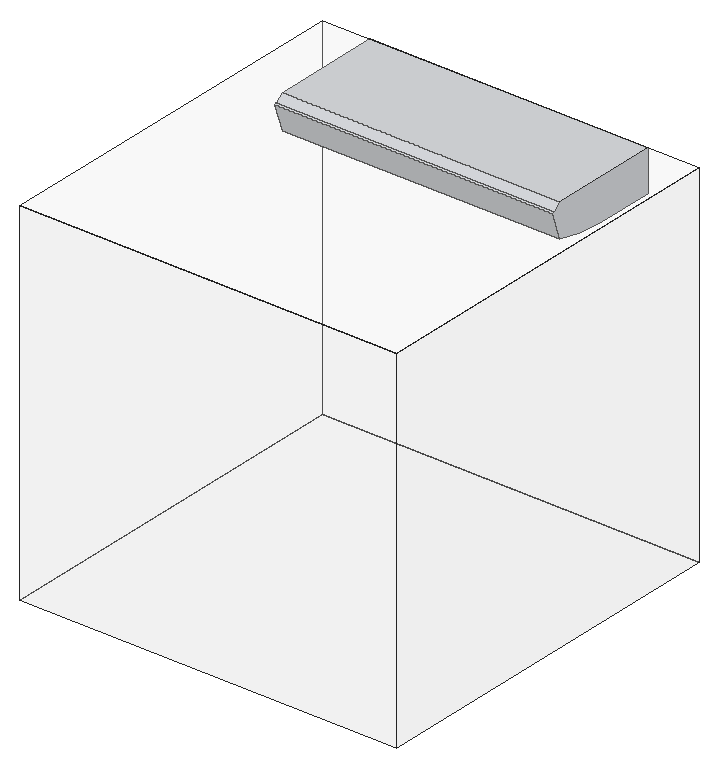
Revit family "pc-rp40_160kal18_50Hz", category 機械設備, Revit 2019
Family settings
  丸型コネクタ寸法 = 直径を使用
  パーツ タイプ = 標準
  OmniClass 番号 = 23.75.10.24.21.27.27
  OmniClass タイトル = Split System Air Conditioning Units
  作業面ベース = いいえ
  常に垂直 = はい
  ロード時にボイドで切り取り = いいえ
  共有 = いいえ
  部屋計算ポイント = はい
Parameters (values of type "天吊_PC-RP112KA18")
  風量（弱）（m3／min） = 20
  風量（中2）（m3／min） = 22
  風量（中1）（m3／min） = 26
  風量（m3／min） = 29
  風量 = MAX風量  # 1740.0 m³/h
  音響パワーレベル（弱）(dB) = 54
  音響パワーレベル（中2）(dB) = 56
  音響パワーレベル（中1）(dB) = 59
  音響パワーレベル(dB) = 62
  電源種別 = ""
  電源_H = 0 mm
  電圧_電気ヒーター = 0 V
  電圧 = 200 V
  電動機出力_送風機 = 0.16 kW
  運転質量 = 0.00 kg
  連動 = ""
  質量 = if(製品質量 > 運転質量, 製品質量, 運転質量) * 1.2  # 45.60 kg
  負荷分類 = 3_ファン類
  説明 = "店舗・事務所用パッケージエアコン(Mr.SLIM) [本体] 天吊形室内機"
  設計暖房能力 = 0.00 kW
  設計冷房能力_顕熱 = 0 kW
  設計冷房能力 = 0 kW
  設置方法 = "天井吊形"
  記号 = ""
  製造元 = "三菱電機株式会社"
  製品質量 = 38.00 kg
  製品出荷対象 = "国内"
  製品リリース年月 = "2022/10/11"
  製品グループ = ""
  背面_液管接続口 = 180 mm
  背面_ドレン管接続口 = 233 mm
  背面_ガス管接続口 = 200 mm
  系統 = ""
  符号 = "ACP-CR"
  積算_科目 = "1 空気調和設備"
  積算_拾い区分 [instance] = ""
  相 = 1
  盤記号 = ""
  発停方法 = "付属スイッチ"
  特殊仕様 = ""
  点検口離隔 [instance] = if(点検口離隔入力値 > 200 mm, 200 mm, if(点検口離隔入力値 < 150 mm, 150 mm, 点検口離隔入力値))  # 150 mm
  点検口離隔入力値 [instance] = 0 mm
  点検口設置範囲 = 0 mm
  点検口 = yes
  火災停止 = ""
  消費電力_電気ヒーター = 0.00 kW
  消費電力_暖房 = 0.00 kW
  消費電力_加湿器 = 0.00 kW
  消費電力_冷房 = 0.12 kW
  消費電力 = if(消費電力_冷房 > 消費電力_暖房, 消費電力_冷房, 消費電力_暖房) + 消費電力_加湿器 + 消費電力_電気ヒーター  # 0.12 kW
  法定耐用年数 = "6"
  極数 = 1
  材質 = ""
  本体マテリアル = none
  有効加湿量 = 0
  暖房能力 = 0.00 kW
  推奨ブレーカー容量 = 0 A
  形式_加湿器 = ""
  形式 = "天井吊（露出）形"
  幹線記号 = ""
  始動方式 = "直入"
  呼称 = "室内機_天井吊(露出)形"
  周波数 = 50 Hz
  吊り位置Y = 320 mm
  吊り位置X = 1557 mm
  吊りボルト_H = 50 mm
  台数_手元リモコン = ""
  台数_冷媒分岐ユニット = ""
  参照している仕様書等のバージョン = "公共建築物標準仕様書（機械設備工事編）平成31年度版"
  加湿給水管径 = 0 mm
  分類コード = "50053003221080"
  分類グループ = ""
  冷房能力 = 10 kW
  冷媒高低圧ガス管径 = 0 mm
  冷媒管径符号 = "Bd"
  冷媒管径 = 100 mm
  冷媒液管高さ = 126 mm
  冷媒液管径 = 9.5 mm
  冷媒ガス管高さ = 126 mm
  冷媒ガス管径 = 15.9 mm
  価格 = 357000
  企業コード = "108420"
  付属品_フィルター = ""
  付属品 = ""
  仕様書バージョン = "Version1.0"
  モデル = "PC-RP112KA18"
  パネルマテリアル = none
  ドレン管高さ = 190 mm
  ドレン管径 (外径) = 26 mm
  ドレン管径 = 20 mm
  サービススペース = yes
  コメント [instance] = ""
  ケーブル種類1 = ""
  ケーブルサイズ1 = 0 mm
  Width = 1600 mm
  Version = ""
  Uniclass2015Version = "Systems v1.9"
  Uniclass2015Title = "Split coil remote air cooled condensing units"
  Uniclass2015Code = "Pr_70_65_03_84"
  URL = "https://www.mitsubishielectric.co.jp/ldg/wink/ssl/displayProduct.do?pid=323463"
  SpecificationReference = ""
  SpecificationDescription = ""
  Revision = ""
  ProductInformation = ""
  OmniClassCode = "23-33 17 13 11"
  MIN風量 = 風量（弱）（m3／min） * 60.0 m³/h  # 1200.0 m³/h
  MID風量2 = 風量（中2）（m3／min） * 60.0 m³/h  # 1320.0 m³/h
  MID風量 = 風量（中1）（m3／min） * 60.0 m³/h  # 1560.0 m³/h
  MAX風量 = 風量（m3／min） * 60.0 m³/h  # 1740.0 m³/h
  IfcTypeProduct = ""
  IfcProduct = ""
  IfcExportType = "AIRCONDITIONINGUNIT"
  IfcExportAs = "IfcUnitaryEquipmentType"
  Height_本体 = 230 mm
  Height = Height_本体 + 6 mm  # 236 mm
  Depth = 680 mm
  Clearance Top = 1 mm
  Clearance Right = 300 mm
  Clearance Left = 270 mm
  Clearance Front = 1500 mm
  Clearance Bottom = 1800 mm
  Clearance Back = 0 mm
  Author = "三菱電機株式会社"
Types (20, lengths in mm): name | 風量（弱）（m3／min） | 風量（中2）（m3／min） | 風量（中1）（m3／min） | 風量（m3／min） | 風量 | 音響パワーレベル（弱）(dB) | 音響パワーレベル（中2）(dB) | 音響パワーレベル（中1）(dB) | 音響パワーレベル(dB) | 電動機出力_送風機 | 質量 | 製品質量 | 背面_液管接続口 | 背面_ガス管接続口 | 消費電力_暖房 | 消費電力_冷房 | 消費電力 | 暖房能力 | 吊り位置X | 冷房能力 | 冷媒管径符号 | 冷媒液管径 | 冷媒ガス管径 | 価格 | モデル | Width | URL | MIN風量 | MID風量2 | MID風量 | MAX風量
  天吊_PC-RP45KAL18 | 9 | 10 | 11 | 13 | 780.0 m³/h | 48 | 50 | 53 | 55 | 0.09 kW | 28.80 kg | 24.00 kg | 184 | 203 | 0.04 kW | 0.05 kW | 0.05 kW | 4.50 kW | 917 | 4 kW | "Ac" | 6.35 | 12.7 | 287000 | "PC-RP45KAL18" | 960 | "https://www.mitsubishielectric.co.jp/ldg/wink/ssl/displayProduct.do?pid=323627" | 540.0 m³/h | 600.0 m³/h | 660.0 m³/h | 780.0 m³/h
  天吊_PC-RP56KAL18 | 10 | 11 | 12 | 13 | 780.0 m³/h | 48 | 50 | 53 | 55 | 0.09 kW | 30.00 kg | 25.00 kg | 184 | 203 | 0.05 kW | 0.06 kW | 0.06 kW | 5.60 kW | 917 | 5 kW | "Ac" | 6.35 | 12.7 | 308000 | "PC-RP56KAL18" | 960 | "https://www.mitsubishielectric.co.jp/ldg/wink/ssl/displayProduct.do?pid=323629" | 600.0 m³/h | 660.0 m³/h | 720.0 m³/h | 780.0 m³/h
  天吊_PC-RP71KAL18 | 13 | 16 | 18 | 20 | 1200.0 m³/h | 50 | 53 | 55 | 57 | 0.095 kW | 38.40 kg | 32.00 kg | 180 | 200 | 0.09 kW | 0.10 kW | 0.10 kW | 7.00 kW | 1237 | 6.3 kW | "Bd" | 9.5 | 15.9 | 318000 | "PC-RP71KAL18" | 1280 | "https://www.mitsubishielectric.co.jp/ldg/wink/ssl/displayProduct.do?pid=323631" | 780.0 m³/h | 960.0 m³/h | 1080.0 m³/h | 1200.0 m³/h
  天吊_PC-RP80KAL18 | 13 | 16 | 18 | 20 | 1200.0 m³/h | 50 | 53 | 55 | 57 | 0.095 kW | 38.40 kg | 32.00 kg | 180 | 200 | 0.09 kW | 0.10 kW | 0.10 kW | 8.00 kW | 1237 | 7.1 kW | "Bd" | 9.5 | 15.9 | 334000 | "PC-RP80KAL18" | 1280 | "https://www.mitsubishielectric.co.jp/ldg/wink/ssl/displayProduct.do?pid=323632" | 780.0 m³/h | 960.0 m³/h | 1080.0 m³/h | 1200.0 m³/h
  天吊_PC-RP112KAL18 | 20 | 22 | 26 | 29 | 1740.0 m³/h | 54 | 56 | 59 | 62 | 0.16 kW | 45.60 kg | 38.00 kg | 180 | 200 | 0.11 kW | 0.12 kW | 0.12 kW | 11.20 kW | 1557 | 10 kW | "Bd" | 9.5 | 15.9 | 368000 | "PC-RP112KAL18" | 1600 | "https://www.mitsubishielectric.co.jp/ldg/wink/ssl/displayProduct.do?pid=323633" | 1200.0 m³/h | 1320.0 m³/h | 1560.0 m³/h | 1740.0 m³/h
  天吊_PC-RP140KAL18 | 21 | 24 | 27 | 31 | 1860.0 m³/h | 56 | 58 | 61 | 63 | 0.16 kW | 45.60 kg | 38.00 kg | 180 | 200 | 0.13 kW | 0.14 kW | 0.14 kW | 14.00 kW | 1557 | 12.5 kW | "Bd" | 9.5 | 15.9 | 420000 | "PC-RP140KAL18" | 1600 | "https://www.mitsubishielectric.co.jp/ldg/wink/ssl/displayProduct.do?pid=323634" | 1260.0 m³/h | 1440.0 m³/h | 1620.0 m³/h | 1860.0 m³/h
  天吊_PC-RP160KAL18 | 22 | 25 | 28 | 33 | 1980.0 m³/h | 58 | 60 | 62 | 65 | 0.16 kW | 45.60 kg | 38.00 kg | 180 | 200 | 0.16 kW | 0.17 kW | 0.17 kW | 16.00 kW | 1557 | 14 kW | "Bd" | 9.5 | 15.9 | 430000 | "PC-RP160KAL18" | 1600 | "https://www.mitsubishielectric.co.jp/ldg/wink/ssl/displayProduct.do?pid=323471" | 1320.0 m³/h | 1500.0 m³/h | 1680.0 m³/h | 1980.0 m³/h
  天吊_PC-RP63KAL18 | 12 | 14 | 15 | 17 | 1020.0 m³/h | 49 | 51 | 53 | 55 | 0.095 kW | 38.40 kg | 32.00 kg | 184 | 203 | 0.06 kW | 0.07 kW | 0.07 kW | 6.30 kW | 1237 | 5.6 kW | "Ac" | 6.4 | 12.7 | 317000 | "PC-RP63KAL18" | 1280 | "https://www.mitsubishielectric.co.jp/ldg/wink/ssl/displayProduct.do?pid=323630" | 720.0 m³/h | 840.0 m³/h | 900.0 m³/h | 1020.0 m³/h
  天吊_PC-RP40KAL18 | 9 | 10 | 11 | 13 | 780.0 m³/h | 48 | 50 | 53 | 55 | 0.09 kW | 28.80 kg | 24.00 kg | 184 | 203 | 0.04 kW | 0.05 kW | 0.05 kW | 4.00 kW | 917 | 3.6 kW | "Ac" | 6.35 | 12.7 | 278000 | "PC-RP40KAL18" | 960 | "https://www.mitsubishielectric.co.jp/ldg/wink/ssl/displayProduct.do?pid=323626" | 540.0 m³/h | 600.0 m³/h | 660.0 m³/h | 780.0 m³/h
  天吊_PC-RP50KAL18 | 10 | 11 | 12 | 13 | 780.0 m³/h | 48 | 50 | 53 | 55 | 0.09 kW | 30.00 kg | 25.00 kg | 184 | 203 | 0.05 kW | 0.06 kW | 0.06 kW | 5.00 kW | 917 | 4.5 kW | "Ac" | 6.35 | 12.7 | 295000 | "PC-RP50KAL18" | 960 | "https://www.mitsubishielectric.co.jp/ldg/wink/ssl/displayProduct.do?pid=323628" | 600.0 m³/h | 660.0 m³/h | 720.0 m³/h | 780.0 m³/h
  天吊_PC-RP112KA18 | 20 | 22 | 26 | 29 | 1740.0 m³/h | 54 | 56 | 59 | 62 | 0.16 kW | 45.60 kg | 38.00 kg | 180 | 200 | 0.00 kW | 0.12 kW | 0.12 kW | 0.00 kW | 1557 | 10 kW | "Bd" | 9.5 | 15.9 | 357000 | "PC-RP112KA18" | 1600 | "https://www.mitsubishielectric.co.jp/ldg/wink/ssl/displayProduct.do?pid=323463" | 1200.0 m³/h | 1320.0 m³/h | 1560.0 m³/h | 1740.0 m³/h
  天吊_PC-RP140KA18 | 21 | 24 | 27 | 31 | 1860.0 m³/h | 56 | 58 | 61 | 63 | 0.16 kW | 45.60 kg | 38.00 kg | 180 | 200 | 0.00 kW | 0.14 kW | 0.14 kW | 0.00 kW | 1557 | 12.5 kW | "Bd" | 9.5 | 15.9 | 409000 | "PC-RP140KA18" | 1600 | "https://www.mitsubishielectric.co.jp/ldg/wink/ssl/displayProduct.do?pid=323651" | 1260.0 m³/h | 1440.0 m³/h | 1620.0 m³/h | 1860.0 m³/h
  天吊_PC-RP160KA18 | 22 | 25 | 28 | 33 | 1980.0 m³/h | 58 | 60 | 62 | 65 | 0.16 kW | 45.60 kg | 38.00 kg | 180 | 200 | 0.00 kW | 0.17 kW | 0.17 kW | 0.00 kW | 1557 | 14 kW | "Bd" | 9.5 | 15.9 | 419000 | "PC-RP160KA18" | 1600 | "https://www.mitsubishielectric.co.jp/ldg/wink/ssl/displayProduct.do?pid=323464" | 1320.0 m³/h | 1500.0 m³/h | 1680.0 m³/h | 1980.0 m³/h
  天吊_PC-RP40KA18 | 9 | 10 | 11 | 13 | 780.0 m³/h | 48 | 50 | 53 | 55 | 0.09 kW | 28.80 kg | 24.00 kg | 184 | 203 | 0.00 kW | 0.05 kW | 0.05 kW | 0.00 kW | 917 | 3.6 kW | "Ac" | 6.35 | 12.7 | 267000 | "PC-RP40KA18" | 960 | "https://www.mitsubishielectric.co.jp/ldg/wink/ssl/displayProduct.do?pid=323457" | 540.0 m³/h | 600.0 m³/h | 660.0 m³/h | 780.0 m³/h
  天吊_PC-RP45KA18 | 9 | 10 | 11 | 13 | 780.0 m³/h | 48 | 50 | 53 | 55 | 0.09 kW | 28.80 kg | 24.00 kg | 184 | 203 | 0.00 kW | 0.05 kW | 0.05 kW | 0.00 kW | 917 | 4 kW | "Ac" | 6.35 | 12.7 | 276000 | "PC-RP45KA18" | 960 | "https://www.mitsubishielectric.co.jp/ldg/wink/ssl/displayProduct.do?pid=323650" | 540.0 m³/h | 600.0 m³/h | 660.0 m³/h | 780.0 m³/h
  天吊_PC-RP50KA18 | 10 | 11 | 12 | 13 | 780.0 m³/h | 48 | 50 | 53 | 55 | 0.09 kW | 30.00 kg | 25.00 kg | 184 | 203 | 0.00 kW | 0.06 kW | 0.06 kW | 0.00 kW | 917 | 4.5 kW | "Ac" | 6.35 | 12.7 | 284000 | "PC-RP50KA18" | 960 | "https://www.mitsubishielectric.co.jp/ldg/wink/ssl/displayProduct.do?pid=323458" | 600.0 m³/h | 660.0 m³/h | 720.0 m³/h | 780.0 m³/h
  天吊_PC-RP56KA18 | 10 | 11 | 12 | 13 | 780.0 m³/h | 48 | 50 | 53 | 55 | 0.09 kW | 30.00 kg | 25.00 kg | 184 | 203 | 0.00 kW | 0.06 kW | 0.06 kW | 0.00 kW | 917 | 5 kW | "Ac" | 6.35 | 12.7 | 297000 | "PC-RP56KA18" | 960 | "https://www.mitsubishielectric.co.jp/ldg/wink/ssl/displayProduct.do?pid=323459" | 600.0 m³/h | 660.0 m³/h | 720.0 m³/h | 780.0 m³/h
  天吊_PC-RP63KA18 | 12 | 14 | 15 | 17 | 1020.0 m³/h | 49 | 51 | 53 | 55 | 0.095 kW | 38.40 kg | 32.00 kg | 184 | 203 | 0.00 kW | 0.07 kW | 0.07 kW | 0.00 kW | 1237 | 5.6 kW | "Ac" | 6.4 | 12.7 | 306000 | "PC-RP63KA18" | 1280 | "https://www.mitsubishielectric.co.jp/ldg/wink/ssl/displayProduct.do?pid=323460" | 720.0 m³/h | 840.0 m³/h | 900.0 m³/h | 1020.0 m³/h
  天吊_PC-RP71KA18 | 13 | 16 | 18 | 20 | 1200.0 m³/h | 50 | 53 | 55 | 57 | 0.095 kW | 38.40 kg | 32.00 kg | 180 | 200 | 0.00 kW | 0.10 kW | 0.10 kW | 0.00 kW | 1237 | 6.3 kW | "Bd" | 9.5 | 15.9 | 307000 | "PC-RP71KA18" | 1280 | "https://www.mitsubishielectric.co.jp/ldg/wink/ssl/displayProduct.do?pid=323461" | 780.0 m³/h | 960.0 m³/h | 1080.0 m³/h | 1200.0 m³/h
  天吊_PC-RP80KA18 | 13 | 16 | 18 | 20 | 1200.0 m³/h | 50 | 53 | 55 | 57 | 0.095 kW | 38.40 kg | 32.00 kg | 180 | 200 | 0.00 kW | 0.10 kW | 0.10 kW | 0.00 kW | 1237 | 7.1 kW | "Bd" | 9.5 | 15.9 | 323000 | "PC-RP80KA18" | 1280 | "https://www.mitsubishielectric.co.jp/ldg/wink/ssl/displayProduct.do?pid=323462" | 780.0 m³/h | 960.0 m³/h | 1080.0 m³/h | 1200.0 m³/h
Reference planes
  plane 1 "中心(正面/背面)": y = 0
  plane 2: z = 0
  plane 3 "中心(左/右)": x = 0
  plane 4: z = 236
  plane 5: y = 260
  plane 6: y = -60
  plane 7: y = 340
  plane 8: y = -340
  plane 9: x = -800
  plane 10: x = 800
  plane 11: x = -1070
  plane 12: x = 1100
  plane 13 "back": y = 340
  plane 14: y = -1840
  plane 15: z = 237
  plane 16: z = -1800
  plane 17: x = 714
  plane 18: x = 629
  plane 19: z = 110
  plane 20 "液管": y = 156
  plane 21: y = 336
  plane 22 "ガス管": y = 136
  plane 23 "ドレン管": y = 103
  plane 24: x = 662
  plane 25: z = 46
  plane 26: x = -725
  plane 27: x = 671.5
Forms (mm)
  Extrusion 1, solid, detail levels fine
    sketch origin (0, 156, 0) x (0, 0, -1) y (1, 0, 0)
      loop
        circle (-110, 629) r 3.175
    from 0 to 100
  Extrusion 2, solid, detail levels fine
    sketch origin (0, 136, 0) x (0, 0, -1) y (1, 0, 0)
      loop
        circle (-110, 714) r 6.35
    from 0 to 100
  Extrusion 3, solid, detail levels fine
    sketch origin (0, 103, 0) x (0, 0, -1) y (1, 0, 0)
      loop
        circle (-46, 662) r 13
    from 0 to 100
  Extrusion 4, solid, detail levels fine
    sketch origin (0, 103, 0) x (0, 0, -1) y (1, 0, 0)
      loop
        circle (-46, -725) r 13
    from 0 to 100
  Extrusion 5, solid, detail levels fine
    sketch origin (0, 136, 0) x (0, 0, -1) y (1, 0, 0)
      loop
        circle (-110, 671.5) r 50
    from 0 to 120
Dimensions and locks
  "吊り位置Y": plane 6 to plane 5
  equal spacing: plane 8, plane 1 "中心(正面/背面)", plane 7
  "Depth": plane 8 to plane 7
  equal spacing: plane 9, plane 3 "中心(左/右)", plane 10
  "Width": plane 9 to plane 10
  "Clearance Back": plane 7 to plane 13 "back"
  "Clearance Front": plane 14 to plane 8
  "Clearance Right": plane 10 to plane 12
  "Clearance Left": plane 11 to plane 9
  "Height": plane 4 to level
  locked: plane 5 to plane 7 at 80
  "Clearance Bottom": level to plane 16
  "Clearance Top": plane 15 to plane 4
  plane 10 to plane 9 = 1600 mm
  "背面_液管接続口": plane 20 "液管" to plane 21
  "背面_ガス管接続口": plane 22 "ガス管" to plane 21
  "背面_ドレン管接続口": plane 23 "ドレン管" to plane 21
  "冷媒ガス管高さ": plane 4 to plane 19
  "ドレン管高さ": plane 4 to plane 25
  plane 17 to plane 27 to plane 18 = 42.5 mm, 42.5 mm
  locked: plane 10 to plane 17 at 86
  locked: plane 17 to plane 18 at 85
  locked: plane 10 to plane 24 at 138
  locked: plane 26 to plane 9 at 75
  diameter of Extrusion 2 = 12.7 mm
  diameter of Extrusion 1 = 6.35 mm
  "ドレン管径 (外径)": diameter of Extrusion 3
  "ドレン管径 (外径)": diameter of Extrusion 4
  aligned and locked: level to plane 2
  aligned and locked: nested 2 to plane 5
  aligned and locked: plane 6 to nested 2
  aligned and locked: nested 1 to plane 11
  aligned and locked: nested 1 to plane 12
  aligned and locked: plane 14 to nested 1
  aligned and locked: plane 13 "back" to nested 1
  aligned and locked: plane 15 to nested 1
  aligned and locked: plane 1 "中心(正面/背面)" to nested 3
  aligned and locked: plane 3 "中心(左/右)" to nested 3
  aligned and locked: plane 16 to nested 1
  aligned and locked: Extrusion 1 to plane 20 "液管"
  aligned and locked: Extrusion 2 to plane 22 "ガス管"
  aligned and locked: Extrusion 3 to plane 23 "ドレン管"
  aligned and locked: Extrusion 4 to plane 23 "ドレン管"
Automatic sketch dimensions
  Extrusion 1 sketch curve to plane 18 = 0 mm
  Extrusion 1 sketch curve to plane 19 = 0 mm
  Extrusion 2 sketch curve to plane 17 = 0 mm
  Extrusion 2 sketch curve to plane 19 = 0 mm
  Extrusion 3 sketch curve to plane 24 = 0 mm
  Extrusion 3 sketch curve to plane 25 = 0 mm
  Extrusion 4 sketch curve to plane 25 = 0 mm
  Extrusion 4 sketch curve to plane 26 = 0 mm
  Extrusion 5 sketch curve to plane 19 = 0 mm
  Extrusion 5 sketch curve to plane 27 = 0 mm
  radius of Extrusion 1 sketch curve = 3.175 mm
  radius of Extrusion 2 sketch curve = 6.35 mm
  radius of Extrusion 3 sketch curve = 13 mm
  radius of Extrusion 4 sketch curve = 13 mm
  radius of Extrusion 5 sketch curve = 50 mm
Nested families
  nested 1: "サービススペース" at (15, -750, -781.5), visible <- "サービススペース", type "サービススペース"
    with Width 2170 mm, Height 2037 mm, Depth 2180 mm
  nested 2: "固定点" at (-458.5, -60, 0), type "固定点"
    with W 917 mm, D 320 mm
  nested 3: "PCFY-P-KMG" at (0, 0, 0), type "PCFY-P-KMG", detail levels fine
    with 冷媒配管サイズ 9.5 mm, 吊りボルト-W 1557 mm, ガス配管サイズ 15.9 mm, 幅さ 1600 mm
Connectors
  electrical at (516, 339, 206), driven by "極数", driven by "負荷分類", driven by "電圧", driven by "消費電力"
    settings: on nested 3, index 1, voltage 200 V, apparent load 120 VA, apparent load phase1 0 VA, apparent load phase2 0 VA, apparent load phase3 0 VA, power factor 1, load classification "3_ファン類", number of poles 1, system type 30, power factor state 1, is connector primary yes, connector utility no, sub classification motor no, connector description ""
  piping at (671.5, 136, 110), diameter 100, driven by "冷媒管径"
    settings: on Extrusion 5, index 2, connector inside diameter 609.6 mm, connector length 0 mm, flow factor 0, pipe flow 0.0 L/s, pressure drop 0.0 Pa, fitting loss kfactor 0, connector angle 0.00°, fixture units 0, engagement length 0 mm, angle of deflection 0.00°, flow configuration 1, flow direction 1, fitting loss method 4, system type 7, joint type 0, gender type 0, connector reference index -1, connector utility 0, adjustable connector no, is connector primary yes, connector description "冷媒管"
  piping at (662, 103, 46), diameter 20, driven by "ドレン管径"
    settings: on Extrusion 3, index 3, connector inside diameter 609.6 mm, connector length 0 mm, flow factor 0, pipe flow 0.0 L/s, pressure drop 0.0 Pa, fitting loss kfactor 0, connector angle 0.00°, fixture units 0, engagement length 0 mm, angle of deflection 0.00°, flow configuration 1, flow direction 2, fitting loss method 0, system type 16, joint type 0, gender type 0, connector reference index -1, connector utility 0, adjustable connector no, is connector primary no, connector description "ドレン管1"
  piping at (-725, 103, 46), diameter 20, driven by "ドレン管径"
    settings: on Extrusion 4, index 4, connector inside diameter 609.6 mm, connector length 0 mm, flow factor 0, pipe flow 0.0 L/s, pressure drop 0.0 Pa, fitting loss kfactor 0, connector angle 0.00°, fixture units 0, engagement length 0 mm, angle of deflection 0.00°, flow configuration 1, flow direction 2, fitting loss method 0, system type 16, joint type 0, gender type 0, connector reference index -1, connector utility 0, adjustable connector no, is connector primary no, connector description "ドレン管2"
Definition of nested family "サービススペース"
  Parameters (values of type "サービススペース")
    Width [instance] = 500 mm
    Height [instance] = 500 mm
    Depth [instance] = 500 mm
  Reference planes
    plane 1 "中心(正面/背面)": y = 0
    plane 2: z = 0
    plane 3 "中心(左/右)": x = 0
    plane 4: y = -250
    plane 5: x = 250
    plane 6: y = 250
    plane 7: x = -250
    plane 8: z = 250
    plane 9: z = -250
  Forms (mm)
    Extrusion 1, solid
      sketch origin (-638.939, 0, 72.39) x (1, 0, 0) y (0, 1, 0)
        loop
          line (388.939, 250) -> (388.939, -250) -> (888.939, -250) -> (888.939, 250) -> (388.939, 250)
      from -322.39 to 177.61
  Lines and regions (mm)
    symbolic lines
      curve 1: line (-250, 0, 250) -> (250, 0, 250)
      curve 2: line (-250, 0, -250) -> (-250, 0, 250)
      curve 3: line (250, 0, -250) -> (-250, 0, -250)
      curve 4: line (250, 0, 250) -> (250, 0, -250)
      curve 5: line (0, -250, 250) -> (0, 250, 250)
      curve 6: line (0, -250, -250) -> (0, -250, 250)
      curve 7: line (0, 250, -250) -> (0, -250, -250)
      curve 8: line (0, 250, 250) -> (0, 250, -250)
      curve 9: line (-250, 250, 0) -> (250, 250, 0)
      curve 10: line (-250, -250, 0) -> (-250, 250, 0)
      curve 11: line (250, -250, 0) -> (-250, -250, 0)
      curve 12: line (250, 250, 0) -> (250, -250, 0)
  Dimensions and locks
    equal spacing: plane 7, plane 3 "中心(左/右)", plane 5
    equal spacing: plane 4, plane 1 "中心(正面/背面)", plane 6
    "Depth": plane 4 to plane 6
    "Width": plane 7 to plane 5
    equal spacing: plane 8, plane 2, plane 9
    "Height": plane 8 to plane 9
    aligned and locked: plane 9 to curve 3
    aligned and locked: plane 7 to curve 2
    aligned and locked: curve 4 to plane 5
    aligned and locked: plane 5 to Extrusion 1
    aligned and locked: Extrusion 1 to plane 7
    aligned and locked: Extrusion 1 to plane 9
    aligned and locked: plane 8 to Extrusion 1
    aligned and locked: plane 9 to curve 7
  Automatic sketch dimensions
    plane 4 to Extrusion 1 sketch curve = 0 mm
    Extrusion 1 sketch curve to plane 7 = 0 mm
    Extrusion 1 sketch curve to plane 5 = 0 mm
    plane 6 to Extrusion 1 sketch curve = 0 mm
    curve 2 to plane 8 = 0 mm
    plane 4 to curve 11 = 0 mm
    curve 11 to plane 7 = 0 mm
    curve 11 to plane 5 = 0 mm
    plane 6 to curve 10 = 0 mm
    curve 7 to plane 4 = 0 mm
    curve 7 to plane 6 = 0 mm
    curve 6 to plane 8 = 0 mm
Definition of nested family "PCFY-P-KMG"
  Parameters (values of type "PCFY-P-KMG")
    配線取出口サイズ = 22 mm
    配線取出口-Z = 0 mm
    配線取出口-Y = 0 mm
    配線取出口-X = 0 mm
    液配管サイズ = 100 mm
    高さ = 236 mm
    奥行き = 680 mm
    吊りボルト_H = 50 mm
    冷媒配管サイズ = 6.35 mm
    冷媒液管径-Z = 0 mm
    冷媒液管径-Y = 0 mm
    冷媒液管径-X = 0 mm
    冷媒ガス管径-Z = 0 mm
    冷媒ガス管径-Y = 0 mm
    冷媒ガス管径-X = 0 mm
    吊りボルト-W = 917 mm
    マテリアル = none
    ドレン配管サイズ = 26 mm
    ドレン管径-Z = 0 mm
    ドレン管径-Y = 0 mm
    ドレン管径-X = 0 mm
    ガス配管サイズ = 12.7 mm
    吊りボルト-D = 320 mm
    幅さ = 960 mm
  Reference planes
    plane 1 "中心(正面/背面)": y = 0
    plane 2: z = 0
    plane 3 "中心(左/右)": x = 0
    plane 4: z = 236
    plane 5: x = -480
    plane 6: x = 480
    plane 7: y = 340
    plane 8: y = -340
    plane 9: y = -289
    plane 10: y = -330
    plane 11: y = -335
    plane 12: z = 84
    plane 13: z = 172
    plane 14: z = 195
    plane 15: z = 200
    plane 16: z = 40
    plane 17: x = -426.5
    plane 18: x = 426.5
    plane 19: y = -136
    plane 20: y = -193
    plane 21: y = 86
    plane 22: z = 110
    plane 23: x = -469
    plane 24: y = 156
    plane 25: y = 137
    plane 26: y = 94
    plane 27: x = -158
    plane 28: z = 206
    plane 29: x = 196
    plane 30: x = 158
    plane 31: y = 140
  Forms (mm)
    Extrusion 1, solid, material <- "マテリアル"
      sketch origin (480, 1296.25, 1200) x (0, 1, 0) y (0, 0, 1)
        loop
          line (-1585.25, -964) -> (-1626.25, -1000) -> (-1631.25, -1000) -> (-1636.25, -1005) -> (-1585.25, -1160)
          arc (-1585.25, -1160) -> (-1442.128, -1189.953) -> (-1296.25, -1200) r 1064.013
          line (-1296.25, -1200) -> (-956.25, -1200) -> (-956.25, -964) -> (-1585.25, -964)
      from -960 to 0
    Extrusion 2, solid, material <- "マテリアル"
      sketch origin (674, 0, 0) x (1, 0, 0) y (0, 0, 1)
        loop
          circle (-478, 206) r 11
      from -339 to -340
    Extrusion 3, solid, material <- "マテリアル"
      sketch origin (636, 0, 0) x (1, 0, 0) y (0, 0, 1)
        loop
          circle (-478, 206) r 11
      from -339 to -340
    Extrusion 4, solid, material <- "マテリアル"
      sketch origin (674, 0, -169) x (1, 0, 0) y (0, 0, 1)
        loop
          circle (-478, 206) r 11
      from -339 to -340
    Extrusion 5, solid, material <- "マテリアル"
      sketch origin (636, 0, -169) x (1, 0, 0) y (0, 0, 1)
        loop
          circle (-478, 206) r 11
      from -339 to -340
  Lines and regions (mm)
    model lines
      curve 1: line (426.5, -303.59, 84.341) -> (426.5, -332.355, 171.766)
      curve 2: line (426.5, -332.355, 171.766) -> (-426.5, -332.355, 171.766)
      curve 3: line (-426.5, -303.59, 84.341) -> (426.5, -303.59, 84.341)
      curve 4: line (-426.5, -332.355, 171.766) -> (-426.5, -303.59, 84.341)
      curve 5: line (-426.5, 310, 0) -> (-426.5, 86, 0)
      curve 6: line (426.5, 310, 0) -> (426.5, 86, 0)
      curve 7: line (426.5, 310, 0) -> (-426.5, 310, 0)
      curve 8: line (426.5, 86, 0) -> (-426.5, 86, 0)
      curve 9: line (426.5, 294, 0) -> (-426.5, 294, 0)
      curve 10: line (426.5, 278, 0) -> (-426.5, 278, 0)
      curve 11: line (426.5, 262, 0) -> (-426.5, 262, 0)
      curve 12: line (426.5, 246, 0) -> (-426.5, 246, 0)
      curve 13: line (426.5, 230, 0) -> (-426.5, 230, 0)
      curve 14: line (426.5, 214, 0) -> (-426.5, 214, 0)
      curve 15: line (426.5, 198, 0) -> (-426.5, 198, 0)
      curve 16: line (426.5, 182, 0) -> (-426.5, 182, 0)
      curve 17: line (426.5, 166, 0) -> (-426.5, 166, 0)
      curve 18: line (426.5, 150, 0) -> (-426.5, 150, 0)
      curve 19: line (426.5, 134, 0) -> (-426.5, 134, 0)
      curve 20: line (426.5, 118, 0) -> (-426.5, 118, 0)
      curve 21: line (426.5, 102, 0) -> (-426.5, 102, 0)
  Dimensions and locks
    equal spacing: plane 8, plane 1 "中心(正面/背面)", plane 7
    "奥行き": plane 8 to plane 7
    equal spacing: plane 5, plane 3 "中心(左/右)", plane 6
    "幅さ": plane 5 to plane 6
    "高さ": plane 4 to level
    locked: plane 8 to plane 11 at 5
    locked: plane 8 to plane 10 at 10
    locked: plane 8 to plane 9 at 51
    locked: plane 12 to level at 84
    locked: plane 14 to level at 195
    locked: plane 15 to level at 200
    locked: plane 16 to level at 40
    plane 17 to plane 18 = 853 mm
    locked: plane 5 to plane 17 at 53.5
    locked: plane 18 to plane 6 at 53.5
    locked: plane 13 to plane 12 at 88
    locked: plane 20 to plane 19 at 57
    locked: plane 19 to plane 7 at 476
    locked: plane 21 to plane 7 at 254
    locked: plane 4 to plane 22 at 126
    locked: plane 26 to plane 7 at 246
    locked: plane 24 to plane 7 at 184
    locked: plane 25 to plane 7 at 203
    locked: plane 5 to plane 27 at 322
    locked: plane 4 to plane 28 at 30
    plane 6 to plane 29 = 284 mm
    plane 29 to plane 30 = 38 mm
    "配線取出口サイズ": diameter of Extrusion 2 sketch curve
    "配線取出口サイズ": diameter of Extrusion 3 sketch curve
    "配線取出口サイズ": diameter of Extrusion 4 sketch curve
    "配線取出口サイズ": diameter of Extrusion 5 sketch curve
    aligned and locked: level to plane 2
    aligned and locked: Extrusion 1 sketch curve to plane 4
    aligned and locked: Extrusion 1 sketch curve to plane 7
    aligned and locked: Extrusion 1 sketch curve to level
    aligned and locked: plane 15 to Extrusion 1 sketch curve
    aligned and locked: plane 14 to Extrusion 1 sketch curve
    aligned and locked: plane 16 to Extrusion 1 sketch curve
    aligned and locked: Extrusion 1 to plane 5
    aligned and locked: plane 6 to Extrusion 1
    aligned and locked: curve 4 to plane 17
    aligned and locked: plane 18 to curve 1
    aligned and locked: curve 5 to plane 17
    aligned and locked: curve 6 to plane 18
    aligned and locked: curve 8 to plane 21
    aligned and locked: plane 28 to Extrusion 2 sketch curve
    aligned and locked: plane 7 to Extrusion 2
  Automatic sketch dimensions
    plane 7 to curve 7 = 30 mm
    curve 21 to plane 26 = 8 mm
    curve 21 to curve 20 = 16 mm
    plane 25 to curve 19 = 3 mm
    plane 24 to curve 18 = 6 mm
    curve 17 to plane 24 = 10 mm
    curve 17 to curve 16 = 16 mm
    curve 16 to curve 15 = 16 mm
    curve 15 to curve 14 = 16 mm
    curve 14 to curve 13 = 16 mm
    curve 13 to curve 12 = 16 mm
    curve 12 to curve 11 = 16 mm
    curve 11 to curve 10 = 16 mm
    curve 10 to curve 9 = 16 mm
    Extrusion 1 sketch curve to plane 8 = 0 mm
    Extrusion 1 sketch curve to plane 11 = 0 mm
    Extrusion 1 sketch curve to plane 10 = 0 mm
    Extrusion 1 sketch curve to plane 9 = 0 mm  (x2)
    Extrusion 1 sketch curve to plane 1 "中心(正面/背面)" = 0 mm
    Extrusion 1 to curve 1 = 24.459 mm
    curve 3 to Extrusion 1 = 46.68 mm
    Extrusion 1 to curve 4 = 53.5 mm
    Extrusion 1 to curve 3 = 53.5 mm
    Extrusion 2 sketch curve to plane 29 = 0 mm
    Extrusion 3 sketch curve to plane 28 = 0 mm
    Extrusion 3 sketch curve to plane 30 = 0 mm
    Extrusion 4 sketch curve to plane 29 = 0 mm
    Extrusion 4 sketch curve to plane 16 = 3 mm
    Extrusion 5 sketch curve to plane 30 = 0 mm
    Extrusion 5 sketch curve to plane 16 = 3 mm
Definition of nested family "固定点"
  Parameters (values of type "固定点")
    中心円 = 20 mm
    W [instance] = 1000 mm
    D [instance] = 1000 mm
  Reference planes
    plane 1 "中心(正面/背面)": y = 0
    plane 2: z = 0
    plane 3 "中心(左/右)": x = 0
    plane 4: x = 1000
    plane 5: y = 1000
  Lines and regions (mm)
    symbolic lines, detail levels fine
      curve 1: circle (0, 1000, 0) r 10 normal (0, 0, 1)
      curve 2: circle (0, 0, 0) r 10 normal (0, 0, 1)
      curve 3: circle (1000, 1000, 0) r 10 normal (0, 0, 1)
      curve 4: circle (1000, 0, 0) r 10 normal (0, 0, 1)
      curve 5: line (-200, 1000, 0) -> (1200, 1000, 0)
      curve 6: line (-200, 0, 0) -> (1200, 0, 0)
      curve 7: line (0, 1200, 0) -> (0, -200, 0)
      curve 8: line (1000, 1200, 0) -> (1000, -200, 0)
  Dimensions and locks
    "W": plane 3 "中心(左/右)" to plane 4
    "D": plane 1 "中心(正面/背面)" to plane 5
    "中心円": diameter of curve 1
    "中心円": diameter of curve 2
    "中心円": diameter of curve 3
    "中心円": diameter of curve 4
    aligned and locked: level to plane 2
    aligned and locked: plane 5 to curve 1
    aligned and locked: plane 3 "中心(左/右)" to curve 1
    aligned and locked: plane 3 "中心(左/右)" to curve 2
    aligned and locked: plane 1 "中心(正面/背面)" to curve 2
    aligned and locked: plane 4 to curve 3
    aligned and locked: plane 5 to curve 3
    aligned and locked: plane 1 "中心(正面/背面)" to curve 4
    aligned and locked: plane 4 to curve 4
    aligned and locked: plane 1 "中心(正面/背面)" to curve 6
    aligned and locked: curve 7 to plane 3 "中心(左/右)"
    aligned and locked: curve 8 to plane 4
  Automatic sketch dimensions
    curve 5 to plane 5 = 0 mm
    curve 6 to plane 3 "中心(左/右)" = 200 mm
    curve 5 to plane 3 "中心(左/右)" = 200 mm
    curve 4 to curve 6 = 200 mm
    curve 3 to curve 5 = 200 mm
    plane 1 "中心(正面/背面)" to curve 8 = 200 mm
    plane 1 "中心(正面/背面)" to curve 7 = 200 mm
    curve 3 to curve 8 = 200 mm
    curve 1 to curve 7 = 200 mm
